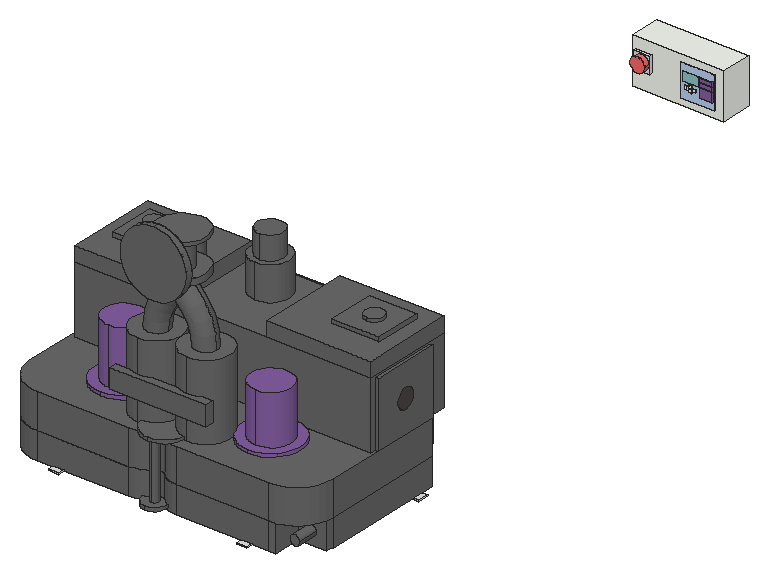
Revit family "11080", category Generic Models, Revit 2021 (continued)
Definition of nested family "11080_part2_X0Y0"
  Definition of nested family "11080_part2_content"
    Forms (mm)
      Extrusion 34, solid, detail levels medium+fine
        from 0 to 85
      Extrusion 35, solid, detail levels medium+fine
        sketch origin (183, -248.4, 535) x (0, 1, 0) y (0, 0, 1)
          loop
            line (0, 61) -> (0, 0) -> (382.4, 0) -> (382.4, 61) -> (0, 61)
        from 0 to 432
      Extrusion 36, solid, detail levels medium+fine
        sketch origin (359.5, -127, 596) x (0, 1, 0) y (0, 0, 1)
          loop
            line (0, 17) -> (0, 0) -> (195, 0) -> (195, 17) -> (0, 17)
        from 0 to 195
      Extrusion 37, solid, detail levels medium+fine
        sketch origin (457, -29.5, 613) x (0, 1, 0) y (-1, 0, 0)
          loop
            circle (0, 0) r 38
        from 0 to 10
      Extrusion 38, solid, detail levels medium+fine
        sketch origin (413, -610, 0) x (0, -1, 0) y (0, 0, 1)
          loop
            line (0, 5) -> (0, 0) -> (26, 0) -> (26, 5) -> (0, 5)
        from 0 to 45
      Extrusion 39, solid, detail levels medium+fine
        sketch origin (-368, -610, 0) x (0, -1, 0) y (0, 0, 1)
          loop
            line (0, 5) -> (0, 0) -> (26, 0) -> (26, 5) -> (0, 5)
        from 0 to 45
      Extrusion 40, solid, detail levels medium+fine
        sketch origin (-614, 55.875, 161) x (0, -1, 0) y (0, 0, 1)
          loop
            line (0, 366.75) -> (0, 0) -> (281.75, 0) -> (281.75, 366.75) -> (0, 366.75)
        from 0 to 15.5
      Extrusion 41, solid, detail levels medium+fine
        sketch origin (-628.5, -85, 392) x (0, 1, 0) y (0, 0, -1)
          loop
            circle (0, 0) r 40
        from 0 to 1.5
      Extrusion 42, solid, detail levels medium+fine
        sketch origin (630.5, 55.875, 161) x (0, -1, 0) y (0, 0, 1)
          loop
            line (0, 366.75) -> (0, 0) -> (281.75, 0) -> (281.75, 366.75) -> (0, 366.75)
        from 0 to 15.5
      Extrusion 43, solid, detail levels medium+fine
        sketch origin (629.5, -84.999, 392) x (0, -1, 0) y (0, 0, -1)
          loop
            circle (0, 0) r 40
        from 0 to 1.5
      Extrusion 44, solid, detail levels medium+fine
        sketch origin (565, -492, 56) x (1, 0, 0) y (0, 0, 1)
          loop
            circle (0, 0) r 20.2
        from 0 to 83.5
      Extrusion 45, solid, detail levels medium+fine
        sketch origin (655.5, -2.5, 0) x (0, -1, 0) y (0, 0, 1)
          loop
            line (0, 5) -> (0, 0) -> (45, 0) -> (45, 5) -> (0, 5)
        from 0 to 35.5
      Extrusion 46, solid, detail levels medium+fine
        sketch origin (-620, -2.5, 0) x (0, -1, 0) y (0, 0, 1)
          loop
            line (0, 5) -> (0, 0) -> (45, 0) -> (45, 5) -> (0, 5)
        from 0 to 35.5
      Extrusion 47, solid, detail levels coarse
        sketch origin (0, -249.75, 0) x (1, 0, 0) y (0, 1, 0)
          loop
            line (-655.5, -400.25) -> (655.5, -400.25) -> (655.5, 400.25) -> (-655.5, 400.25) -> (-655.5, -400.25)
        from 0 to 1037.75
    Dimensions and locks
      aligned and locked: level to plane 2
